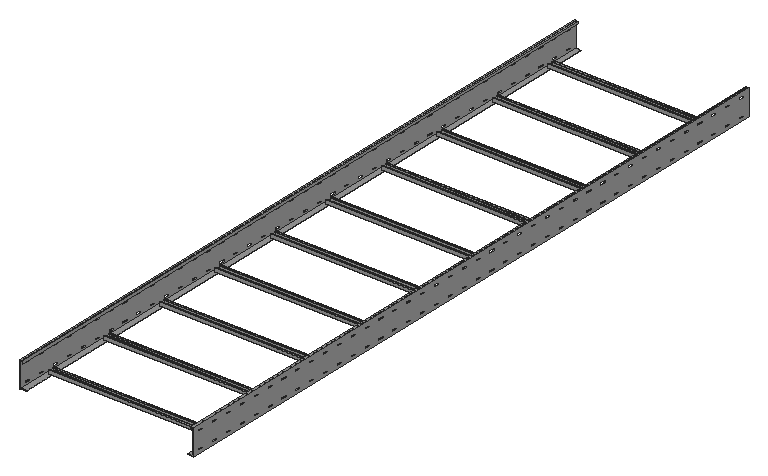
Revit family "Kabelleiter SLCS 1175 3 FTSO", category Generic Models, Revit 2017
Family settings
  Can host rebar = No
  Round Connector Dimension = Use Diameter
  Part Type = Normal
  Work Plane-Based = No
  Always vertical = Yes
  Cut with Voids When Loaded = No
  Shared = No
  Room Calculation Point = No
Parameters (values of type "SLCS 1175 3 FTSO")
  Width = 750 mm
  URL = "http://www.obo-bettermann.com"
  Material = Hot dip galvanised
  Manufacturer Art.No. = "7186410"
  Manufacturer = "OBO BETTERMANN"
  GTIN = "4012196696949"
  Cut's number 3 = 40
  Cut's number 2 = 10
  Cut's number = 2
  Article Type = "SLCS 1175 3 FTSO"
Reference planes
  plane 1 "Center (Front/Back)": y = 0
  plane 2: z = 0
  plane 3 "Center (Left/Right)": x = 0
  plane 4: x = 750
  plane 5: x = 750
  plane 6: y = 3000
  plane 7: y = 150.089
  plane 8: y = 135.089
  plane 9: y = 165.089
  plane 10: z = 17.089
  plane 11: z = 2.089
  plane 12: x = 15
  plane 13: x = 735
  plane 14: z = 1.986
  plane 15: y = 450.089
  plane 16: y = 435.089
  plane 17: y = 465.089
  plane 18: z = 17.089
  plane 19: z = 2.089
  plane 20: y = 750.089
  plane 21: y = 735.089
  plane 22: y = 765.089
  plane 23: z = 17.089
  plane 24: z = 2.089
  plane 25: y = 1050.089
  plane 26: y = 1035.089
  plane 27: y = 1065.089
  plane 28: z = 17.089
  plane 29: z = 2.089
  plane 30: y = 1350.089
  plane 31: y = 1335.089
  plane 32: y = 1365.089
  plane 33: z = 17.089
  plane 34: z = 2.089
  plane 35: y = 1650.089
  plane 36: y = 1635.089
  plane 37: y = 1665.089
  plane 38: z = 17.089
  plane 39: z = 2.089
  plane 40: y = 1950.089
  plane 41: y = 1935.089
  plane 42: y = 1965.089
  plane 43: z = 17.089
  plane 44: z = 2.089
  plane 45: y = 2250.089
  plane 46: y = 2235.089
  plane 47: y = 2265.089
  plane 48: z = 17.089
  plane 49: z = 2.089
  plane 50: y = 2550.089
  plane 51: y = 2535.089
  plane 52: y = 2565.089
  plane 53: z = 17.089
  plane 54: z = 2.089
  plane 55: y = 2850.089
  plane 56: y = 2835.089
  plane 57: y = 2865.089
  plane 58: z = 17.089
  plane 59: z = 2.089
  plane 60: y = 37.589
  plane 61: z = 13.986
  plane 62: y = 112.589
  plane 63: z = 13.986
  plane 64: y = 187.589
  plane 65: z = 13.986
  plane 66: y = 262.589
  plane 67: z = 13.986
  plane 68: y = 337.589
  plane 69: z = 13.986
  plane 70: y = 412.589
  plane 71: z = 13.986
  plane 72: y = 487.589
  plane 73: z = 13.986
  plane 74: y = 562.589
  plane 75: z = 13.986
  plane 76: y = 637.589
  plane 77: z = 13.986
  plane 78: y = 712.589
  plane 79: z = 13.986
  plane 80: y = 787.589
  plane 81: z = 13.986
  plane 82: y = 862.589
  plane 83: z = 13.986
  plane 84: y = 937.589
  plane 85: z = 13.986
  plane 86: y = 1012.589
  plane 87: z = 13.986
  plane 88: y = 1087.589
  plane 89: z = 13.986
  plane 90: y = 1162.589
  plane 91: z = 13.986
  plane 92: y = 1237.589
  plane 93: z = 13.986
  plane 94: y = 1312.589
  plane 95: z = 13.986
  plane 96: y = 1387.589
  plane 97: z = 13.986
  plane 98: y = 1462.589
  plane 99: z = 13.986
  plane 100: y = 1537.589
  plane 101: z = 13.986
  plane 102: y = 1612.589
  plane 103: z = 13.986
  plane 104: y = 1687.589
  plane 105: z = 13.986
  plane 106: y = 1762.589
  plane 107: z = 13.986
  plane 108: y = 1837.589
  plane 109: z = 13.986
  plane 110: y = 1912.589
  plane 111: z = 13.986
  plane 112: y = 1987.589
  plane 113: z = 13.986
  plane 114: y = 2062.589
  plane 115: z = 13.986
  plane 116: y = 2137.589
  plane 117: z = 13.986
  plane 118: y = 2212.589
  plane 119: z = 13.986
  plane 120: y = 2287.589
  plane 121: z = 13.986
  plane 122: y = 2362.589
  plane 123: z = 13.986
  plane 124: y = 2437.589
  plane 125: z = 13.986
  plane 126: y = 2512.589
  plane 127: z = 13.986
  plane 128: y = 2587.589
  plane 129: z = 13.986
  plane 130: y = 2662.589
  plane 131: z = 13.986
  plane 132: y = 2737.589
  plane 133: z = 13.986
  plane 134: y = 2812.589
  plane 135: z = 13.986
  plane 136: y = 2887.589
  plane 137: z = 13.986
  plane 138: y = 2962.589
  plane 139: z = 13.986
  plane 140: y = 37.589
  plane 141: z = 88.986
  plane 142: y = 112.589
  plane 143: z = 88.986
  plane 144: y = 187.589
  plane 145: z = 88.986
  plane 146: y = 262.589
  plane 147: z = 88.986
  plane 148: y = 337.589
  plane 149: z = 88.986
  plane 150: y = 412.589
  plane 151: z = 88.986
  plane 152: y = 487.589
  plane 153: z = 88.986
  plane 154: y = 562.589
  plane 155: z = 88.986
  plane 156: y = 637.589
  plane 157: z = 88.986
  plane 158: y = 712.589
  plane 159: z = 88.986
  plane 160: y = 787.589
  plane 161: z = 88.986
  plane 162: y = 862.589
  plane 163: z = 88.986
  plane 164: y = 937.589
  plane 165: z = 88.986
  plane 166: y = 1012.589
  plane 167: z = 88.986
  plane 168: y = 1087.589
  plane 169: z = 88.986
  plane 170: y = 1162.589
  plane 171: z = 88.986
  plane 172: y = 1237.589
  plane 173: z = 88.986
  plane 174: y = 1312.589
  plane 175: z = 88.986
  plane 176: y = 1387.589
  plane 177: z = 88.986
  plane 178: y = 1462.589
  plane 179: z = 88.986
  plane 180: y = 1537.589
  plane 181: z = 88.986
  plane 182: y = 1612.589
  plane 183: z = 88.986
  plane 184: y = 1687.589
  plane 185: z = 88.986
  plane 186: y = 1762.589
  plane 187: z = 88.986
  plane 188: y = 1837.589
  plane 189: z = 88.986
  plane 190: y = 1912.589
  plane 191: z = 88.986
  plane 192: y = 1987.589
  plane 193: z = 88.986
  plane 194: y = 2062.589
  plane 195: z = 88.986
  plane 196: y = 2137.589
  plane 197: z = 88.986
  plane 198: y = 2212.589
  plane 199: z = 88.986
  plane 200: y = 2287.589
  plane 201: z = 88.986
  plane 202: y = 2362.589
  plane 203: z = 88.986
  plane 204: y = 2437.589
  plane 205: z = 88.986
  plane 206: y = 2512.589
  plane 207: z = 88.986
  plane 208: y = 2587.589
  plane 209: z = 88.986
  plane 210: y = 2662.589
  plane 211: z = 88.986
  plane 212: y = 2737.589
  plane 213: z = 88.986
  plane 214: y = 2812.589
  plane 215: z = 88.986
  plane 216: y = 2887.589
  plane 217: z = 88.986
  plane 218: y = 2962.589
  plane 219: z = 88.986
  plane 220: z = 13.986
  plane 221: y = 37.589
  plane 222: z = 88.986
  plane 223: y = 37.589
  plane 224: z = 13.986
  plane 225: y = 112.589
  plane 226: z = 13.986
  plane 227: y = 187.589
  plane 228: z = 13.986
  plane 229: y = 262.589
  plane 230: z = 13.986
  plane 231: y = 337.589
  plane 232: z = 13.986
  plane 233: y = 412.589
  plane 234: z = 13.986
  plane 235: y = 487.589
  plane 236: z = 13.986
  plane 237: y = 562.589
  plane 238: z = 13.986
  plane 239: y = 637.589
  plane 240: z = 13.986
  plane 241: y = 712.589
  plane 242: z = 13.986
  plane 243: y = 787.589
  plane 244: z = 13.986
  plane 245: y = 862.589
  plane 246: z = 13.986
  plane 247: y = 937.589
  plane 248: z = 13.986
  plane 249: y = 1012.589
  plane 250: z = 13.986
  plane 251: y = 1087.589
  plane 252: z = 13.986
  plane 253: y = 1162.589
  plane 254: z = 13.986
  plane 255: y = 1237.589
  plane 256: z = 13.986
  plane 257: y = 1312.589
  plane 258: z = 13.986
  plane 259: y = 1387.589
  plane 260: z = 13.986
  plane 261: y = 1462.589
  plane 262: z = 13.986
  plane 263: y = 1537.589
  plane 264: z = 13.986
  plane 265: y = 1612.589
  plane 266: z = 13.986
  plane 267: y = 1687.589
  plane 268: z = 13.986
  plane 269: y = 1762.589
  plane 270: z = 13.986
  plane 271: y = 1837.589
  plane 272: z = 13.986
  plane 273: y = 1912.589
  plane 274: z = 13.986
  plane 275: y = 1987.589
  plane 276: z = 13.986
  plane 277: y = 2062.589
  plane 278: z = 13.986
  plane 279: y = 2137.589
  plane 280: z = 13.986
  plane 281: y = 2212.589
  plane 282: z = 13.986
  plane 283: y = 2287.589
  plane 284: z = 13.986
  plane 285: y = 2362.589
  plane 286: z = 13.986
  plane 287: y = 2437.589
  plane 288: z = 13.986
  plane 289: y = 2512.589
  plane 290: z = 13.986
  plane 291: y = 2587.589
  plane 292: z = 13.986
  plane 293: y = 2662.589
  plane 294: z = 13.986
  plane 295: y = 2737.589
  plane 296: z = 13.986
  plane 297: y = 2812.589
  plane 298: z = 13.986
  plane 299: y = 2887.589
  plane 300: z = 13.986
  plane 301: y = 2962.589
  plane 302: z = 88.986
  plane 303: y = 112.589
  plane 304: z = 88.986
  plane 305: y = 187.589
  plane 306: z = 88.986
  plane 307: y = 262.589
  plane 308: z = 88.986
  plane 309: y = 337.589
  plane 310: z = 88.986
  plane 311: y = 412.589
  plane 312: z = 88.986
  plane 313: y = 487.589
  plane 314: z = 88.986
  plane 315: y = 562.589
  plane 316: z = 88.986
  plane 317: y = 637.589
  plane 318: z = 88.986
  plane 319: y = 712.589
  plane 320: z = 88.986
  plane 321: y = 787.589
  plane 322: z = 88.986
  plane 323: y = 862.589
  plane 324: z = 88.986
  plane 325: y = 937.589
  plane 326: z = 88.986
  plane 327: y = 1012.589
  plane 328: z = 88.986
  plane 329: y = 1087.589
  plane 330: z = 88.986
  plane 331: y = 1162.589
  plane 332: z = 88.986
  plane 333: y = 1237.589
  plane 334: z = 88.986
  plane 335: y = 1312.589
  plane 336: z = 88.986
  plane 337: y = 1387.589
  plane 338: z = 88.986
  plane 339: y = 1462.589
  plane 340: z = 88.986
  plane 341: y = 1537.589
  plane 342: z = 88.986
  plane 343: y = 1612.589
  plane 344: z = 88.986
  plane 345: y = 1687.589
  plane 346: z = 88.986
  plane 347: y = 1762.589
  plane 348: z = 88.986
  plane 349: y = 1837.589
  plane 350: z = 88.986
  plane 351: y = 1912.589
  plane 352: z = 88.986
  plane 353: y = 1987.589
  plane 354: z = 88.986
  plane 355: y = 2062.589
  plane 356: z = 88.986
  plane 357: y = 2137.589
  plane 358: z = 88.986
  plane 359: y = 2212.589
  plane 360: z = 88.986
  plane 361: y = 2287.589
  plane 362: z = 88.986
  plane 363: y = 2362.589
  plane 364: z = 88.986
  plane 365: y = 2437.589
  plane 366: z = 88.986
  plane 367: y = 2512.589
  plane 368: z = 88.986
  plane 369: y = 2587.589
  plane 370: z = 88.986
  plane 371: y = 2662.589
  plane 372: z = 88.986
  plane 373: y = 2737.589
  plane 374: z = 88.986
  plane 375: y = 2812.589
  plane 376: z = 88.986
  plane 377: y = 2887.589
  plane 378: z = 88.986
  plane 379: y = 2962.589
Forms (mm)
  Extrusion 1, solid, material "Hot dip galvanised" <- "Material"
    sketch origin (0, 0, 0) x (1, 0, 0) y (0, 0, 1)
      loop
        line (0, -0.014) -> (27, -0.014) -> (27, 1.986) -> (2, 1.986) -> (2, 107.986) -> (10, 107.986) -> (10, 100.986) -> (12, 100.986) -> (12, 109.986) -> (0, 109.986) -> (0, -0.014)
      loop
        line (750, -0.014) -> (750, 109.978) -> (737.996, 109.978) -> (737.996, 100.938) -> (739.996, 100.938) -> (739.996, 107.978) -> (748, 107.978) -> (748, 1.986) -> (723, 1.986) -> (723, -0.014) -> (750, -0.014)
    from -0.089 to -3000
  Extrusion 2, solid, material "Hot dip galvanised" <- "Material"
    sketch origin (0, 0.089, -3.911) x (0, 1, 0) y (0, 0, 1)
      loop
        line (134.911, 5.897) -> (164.911, 5.897) -> (164.911, 20.897) -> (158.411, 20.897) -> (158.411, 18.897) -> (162.911, 18.897) -> (162.911, 7.897) -> (136.911, 7.897) -> (136.911, 18.897) -> (141.399, 18.897) -> (141.399, 20.897) -> (134.911, 20.897) -> (134.911, 5.897)
    from 15 to 735
  Extrusion 3, solid, material "Hot dip galvanised" <- "Material"
    sketch origin (0, 300.089, -3.911) x (0, 1, 0) y (0, 0, 1)
      loop
        line (134.911, 5.897) -> (164.911, 5.897) -> (164.911, 20.897) -> (158.411, 20.897) -> (158.411, 18.897) -> (162.911, 18.897) -> (162.911, 7.897) -> (136.911, 7.897) -> (136.911, 18.897) -> (141.399, 18.897) -> (141.399, 20.897) -> (134.911, 20.897) -> (134.911, 5.897)
    from 15 to 735
  Extrusion 4, solid, material "Hot dip galvanised" <- "Material"
    sketch origin (0, 600.089, -3.911) x (0, 1, 0) y (0, 0, 1)
      loop
        line (134.911, 5.897) -> (164.911, 5.897) -> (164.911, 20.897) -> (158.411, 20.897) -> (158.411, 18.897) -> (162.911, 18.897) -> (162.911, 7.897) -> (136.911, 7.897) -> (136.911, 18.897) -> (141.399, 18.897) -> (141.399, 20.897) -> (134.911, 20.897) -> (134.911, 5.897)
    from 15 to 735
  Extrusion 5, solid, material "Hot dip galvanised" <- "Material"
    sketch origin (0, 900.089, -3.911) x (0, 1, 0) y (0, 0, 1)
      loop
        line (134.911, 5.897) -> (164.911, 5.897) -> (164.911, 20.897) -> (158.411, 20.897) -> (158.411, 18.897) -> (162.911, 18.897) -> (162.911, 7.897) -> (136.911, 7.897) -> (136.911, 18.897) -> (141.399, 18.897) -> (141.399, 20.897) -> (134.911, 20.897) -> (134.911, 5.897)
    from 15 to 735
  Extrusion 6, solid, material "Hot dip galvanised" <- "Material"
    sketch origin (0, 1200.089, -3.911) x (0, 1, 0) y (0, 0, 1)
      loop
        line (134.911, 5.897) -> (164.911, 5.897) -> (164.911, 20.897) -> (158.411, 20.897) -> (158.411, 18.897) -> (162.911, 18.897) -> (162.911, 7.897) -> (136.911, 7.897) -> (136.911, 18.897) -> (141.399, 18.897) -> (141.399, 20.897) -> (134.911, 20.897) -> (134.911, 5.897)
    from 15 to 735
  Extrusion 7, solid, material "Hot dip galvanised" <- "Material"
    sketch origin (0, 1500.089, -3.911) x (0, 1, 0) y (0, 0, 1)
      loop
        line (134.911, 5.897) -> (164.911, 5.897) -> (164.911, 20.897) -> (158.411, 20.897) -> (158.411, 18.897) -> (162.911, 18.897) -> (162.911, 7.897) -> (136.911, 7.897) -> (136.911, 18.897) -> (141.399, 18.897) -> (141.399, 20.897) -> (134.911, 20.897) -> (134.911, 5.897)
    from 15 to 735
  Extrusion 8, solid, material "Hot dip galvanised" <- "Material"
    sketch origin (0, 1800.089, -3.911) x (0, 1, 0) y (0, 0, 1)
      loop
        line (134.911, 5.897) -> (164.911, 5.897) -> (164.911, 20.897) -> (158.411, 20.897) -> (158.411, 18.897) -> (162.911, 18.897) -> (162.911, 7.897) -> (136.911, 7.897) -> (136.911, 18.897) -> (141.399, 18.897) -> (141.399, 20.897) -> (134.911, 20.897) -> (134.911, 5.897)
    from 15 to 735
  Extrusion 9, solid, material "Hot dip galvanised" <- "Material"
    sketch origin (0, 2100.089, -3.911) x (0, 1, 0) y (0, 0, 1)
      loop
        line (134.911, 5.897) -> (164.911, 5.897) -> (164.911, 20.897) -> (158.411, 20.897) -> (158.411, 18.897) -> (162.911, 18.897) -> (162.911, 7.897) -> (136.911, 7.897) -> (136.911, 18.897) -> (141.399, 18.897) -> (141.399, 20.897) -> (134.911, 20.897) -> (134.911, 5.897)
    from 15 to 735
  Extrusion 10, solid, material "Hot dip galvanised" <- "Material"
    sketch origin (0, 2400.089, -3.911) x (0, 1, 0) y (0, 0, 1)
      loop
        line (134.911, 5.897) -> (164.911, 5.897) -> (164.911, 20.897) -> (158.411, 20.897) -> (158.411, 18.897) -> (162.911, 18.897) -> (162.911, 7.897) -> (136.911, 7.897) -> (136.911, 18.897) -> (141.399, 18.897) -> (141.399, 20.897) -> (134.911, 20.897) -> (134.911, 5.897)
    from 15 to 735
  Extrusion 11, solid, material "Hot dip galvanised" <- "Material"
    sketch origin (0, 2700.089, -3.911) x (0, 1, 0) y (0, 0, 1)
      loop
        line (134.911, 5.897) -> (164.911, 5.897) -> (164.911, 20.897) -> (158.411, 20.897) -> (158.411, 18.897) -> (162.911, 18.897) -> (162.911, 7.897) -> (136.911, 7.897) -> (136.911, 18.897) -> (141.399, 18.897) -> (141.399, 20.897) -> (134.911, 20.897) -> (134.911, 5.897)
    from 15 to 735
  Extrusion 12, void
    sketch origin (0, 0, 0) x (0, 1, 0) y (0, 0, 1)
      loop
        line (23.589, 18.486) -> (23.589, 9.486) -> (51.589, 9.486) -> (51.589, 18.486) -> (23.589, 18.486)
    from 0 to 2
  Extrusion 13, void
    sketch origin (0, 75, 0) x (0, 1, 0) y (0, 0, 1)
      loop
        line (23.589, 18.486) -> (23.589, 9.486) -> (51.589, 9.486) -> (51.589, 18.486) -> (23.589, 18.486)
    from 0 to 2
  Extrusion 14, void
    sketch origin (0, 150, 0) x (0, 1, 0) y (0, 0, 1)
      loop
        line (23.589, 18.486) -> (23.589, 9.486) -> (51.589, 9.486) -> (51.589, 18.486) -> (23.589, 18.486)
    from 0 to 2
  Extrusion 15, void
    sketch origin (0, 225, 0) x (0, 1, 0) y (0, 0, 1)
      loop
        line (23.589, 18.486) -> (23.589, 9.486) -> (51.589, 9.486) -> (51.589, 18.486) -> (23.589, 18.486)
    from 0 to 2
  Extrusion 16, void
    sketch origin (0, 300, 0) x (0, 1, 0) y (0, 0, 1)
      loop
        line (23.589, 18.486) -> (23.589, 9.486) -> (51.589, 9.486) -> (51.589, 18.486) -> (23.589, 18.486)
    from 0 to 2
  Extrusion 17, void
    sketch origin (0, 375, 0) x (0, 1, 0) y (0, 0, 1)
      loop
        line (23.589, 18.486) -> (23.589, 9.486) -> (51.589, 9.486) -> (51.589, 18.486) -> (23.589, 18.486)
    from 0 to 2
  Extrusion 18, void
    sketch origin (0, 450, 0) x (0, 1, 0) y (0, 0, 1)
      loop
        line (23.589, 18.486) -> (23.589, 9.486) -> (51.589, 9.486) -> (51.589, 18.486) -> (23.589, 18.486)
    from 0 to 2
  Extrusion 19, void
    sketch origin (0, 525, 0) x (0, 1, 0) y (0, 0, 1)
      loop
        line (23.589, 18.486) -> (23.589, 9.486) -> (51.589, 9.486) -> (51.589, 18.486) -> (23.589, 18.486)
    from 0 to 2
  Extrusion 20, void
    sketch origin (0, 600, 0) x (0, 1, 0) y (0, 0, 1)
      loop
        line (23.589, 18.486) -> (23.589, 9.486) -> (51.589, 9.486) -> (51.589, 18.486) -> (23.589, 18.486)
    from 0 to 2
  Extrusion 21, void
    sketch origin (0, 675, 0) x (0, 1, 0) y (0, 0, 1)
      loop
        line (23.589, 18.486) -> (23.589, 9.486) -> (51.589, 9.486) -> (51.589, 18.486) -> (23.589, 18.486)
    from 0 to 2
  Extrusion 22, void
    sketch origin (0, 750, 0) x (0, 1, 0) y (0, 0, 1)
      loop
        line (23.589, 18.486) -> (23.589, 9.486) -> (51.589, 9.486) -> (51.589, 18.486) -> (23.589, 18.486)
    from 0 to 2
  Extrusion 23, void
    sketch origin (0, 825, 0) x (0, 1, 0) y (0, 0, 1)
      loop
        line (23.589, 18.486) -> (23.589, 9.486) -> (51.589, 9.486) -> (51.589, 18.486) -> (23.589, 18.486)
    from 0 to 2
  Extrusion 24, void
    sketch origin (0, 900, 0) x (0, 1, 0) y (0, 0, 1)
      loop
        line (23.589, 18.486) -> (23.589, 9.486) -> (51.589, 9.486) -> (51.589, 18.486) -> (23.589, 18.486)
    from 0 to 2
  Extrusion 25, void
    sketch origin (0, 975, 0) x (0, 1, 0) y (0, 0, 1)
      loop
        line (23.589, 18.486) -> (23.589, 9.486) -> (51.589, 9.486) -> (51.589, 18.486) -> (23.589, 18.486)
    from 0 to 2
  Extrusion 26, void
    sketch origin (0, 1050, 0) x (0, 1, 0) y (0, 0, 1)
      loop
        line (23.589, 18.486) -> (23.589, 9.486) -> (51.589, 9.486) -> (51.589, 18.486) -> (23.589, 18.486)
    from 0 to 2
  Extrusion 27, void
    sketch origin (0, 1125, 0) x (0, 1, 0) y (0, 0, 1)
      loop
        line (23.589, 18.486) -> (23.589, 9.486) -> (51.589, 9.486) -> (51.589, 18.486) -> (23.589, 18.486)
    from 0 to 2
  Extrusion 28, void
    sketch origin (0, 1200, 0) x (0, 1, 0) y (0, 0, 1)
      loop
        line (23.589, 18.486) -> (23.589, 9.486) -> (51.589, 9.486) -> (51.589, 18.486) -> (23.589, 18.486)
    from 0 to 2
  Extrusion 29, void
    sketch origin (0, 1275, 0) x (0, 1, 0) y (0, 0, 1)
      loop
        line (23.589, 18.486) -> (23.589, 9.486) -> (51.589, 9.486) -> (51.589, 18.486) -> (23.589, 18.486)
    from 0 to 2
  Extrusion 30, void
    sketch origin (0, 1350, 0) x (0, 1, 0) y (0, 0, 1)
      loop
        line (23.589, 18.486) -> (23.589, 9.486) -> (51.589, 9.486) -> (51.589, 18.486) -> (23.589, 18.486)
    from 0 to 2
  Extrusion 31, void
    sketch origin (0, 1425, 0) x (0, 1, 0) y (0, 0, 1)
      loop
        line (23.589, 18.486) -> (23.589, 9.486) -> (51.589, 9.486) -> (51.589, 18.486) -> (23.589, 18.486)
    from 0 to 2
  Extrusion 32, void
    sketch origin (0, 1500, 0) x (0, 1, 0) y (0, 0, 1)
      loop
        line (23.589, 18.486) -> (23.589, 9.486) -> (51.589, 9.486) -> (51.589, 18.486) -> (23.589, 18.486)
    from 0 to 2
  Extrusion 33, void
    sketch origin (0, 1575, 0) x (0, 1, 0) y (0, 0, 1)
      loop
        line (23.589, 18.486) -> (23.589, 9.486) -> (51.589, 9.486) -> (51.589, 18.486) -> (23.589, 18.486)
    from 0 to 2
  Extrusion 34, void
    sketch origin (0, 1650, 0) x (0, 1, 0) y (0, 0, 1)
      loop
        line (23.589, 18.486) -> (23.589, 9.486) -> (51.589, 9.486) -> (51.589, 18.486) -> (23.589, 18.486)
    from 0 to 2
  Extrusion 35, void
    sketch origin (0, 1725, 0) x (0, 1, 0) y (0, 0, 1)
      loop
        line (23.589, 18.486) -> (23.589, 9.486) -> (51.589, 9.486) -> (51.589, 18.486) -> (23.589, 18.486)
    from 0 to 2
  Extrusion 36, void
    sketch origin (0, 1800, 0) x (0, 1, 0) y (0, 0, 1)
      loop
        line (23.589, 18.486) -> (23.589, 9.486) -> (51.589, 9.486) -> (51.589, 18.486) -> (23.589, 18.486)
    from 0 to 2
  Extrusion 37, void
    sketch origin (0, 1875, 0) x (0, 1, 0) y (0, 0, 1)
      loop
        line (23.589, 18.486) -> (23.589, 9.486) -> (51.589, 9.486) -> (51.589, 18.486) -> (23.589, 18.486)
    from 0 to 2
  Extrusion 38, void
    sketch origin (0, 1950, 0) x (0, 1, 0) y (0, 0, 1)
      loop
        line (23.589, 18.486) -> (23.589, 9.486) -> (51.589, 9.486) -> (51.589, 18.486) -> (23.589, 18.486)
    from 0 to 2
  Extrusion 39, void
    sketch origin (0, 2025, 0) x (0, 1, 0) y (0, 0, 1)
      loop
        line (23.589, 18.486) -> (23.589, 9.486) -> (51.589, 9.486) -> (51.589, 18.486) -> (23.589, 18.486)
    from 0 to 2
  Extrusion 40, void
    sketch origin (0, 2100, 0) x (0, 1, 0) y (0, 0, 1)
      loop
        line (23.589, 18.486) -> (23.589, 9.486) -> (51.589, 9.486) -> (51.589, 18.486) -> (23.589, 18.486)
    from 0 to 2
  Extrusion 41, void
    sketch origin (0, 2175, 0) x (0, 1, 0) y (0, 0, 1)
      loop
        line (23.589, 18.486) -> (23.589, 9.486) -> (51.589, 9.486) -> (51.589, 18.486) -> (23.589, 18.486)
    from 0 to 2
  Extrusion 42, void
    sketch origin (0, 2250, 0) x (0, 1, 0) y (0, 0, 1)
      loop
        line (23.589, 18.486) -> (23.589, 9.486) -> (51.589, 9.486) -> (51.589, 18.486) -> (23.589, 18.486)
    from 0 to 2
  Extrusion 43, void
    sketch origin (0, 2325, 0) x (0, 1, 0) y (0, 0, 1)
      loop
        line (23.589, 18.486) -> (23.589, 9.486) -> (51.589, 9.486) -> (51.589, 18.486) -> (23.589, 18.486)
    from 0 to 2
  Extrusion 44, void
    sketch origin (0, 2400, 0) x (0, 1, 0) y (0, 0, 1)
      loop
        line (23.589, 18.486) -> (23.589, 9.486) -> (51.589, 9.486) -> (51.589, 18.486) -> (23.589, 18.486)
    from 0 to 2
  Extrusion 45, void
    sketch origin (0, 2475, 0) x (0, 1, 0) y (0, 0, 1)
      loop
        line (23.589, 18.486) -> (23.589, 9.486) -> (51.589, 9.486) -> (51.589, 18.486) -> (23.589, 18.486)
    from 0 to 2
  Extrusion 46, void
    sketch origin (0, 2550, 0) x (0, 1, 0) y (0, 0, 1)
      loop
        line (23.589, 18.486) -> (23.589, 9.486) -> (51.589, 9.486) -> (51.589, 18.486) -> (23.589, 18.486)
    from 0 to 2
  Extrusion 47, void
    sketch origin (0, 2625, 0) x (0, 1, 0) y (0, 0, 1)
      loop
        line (23.589, 18.486) -> (23.589, 9.486) -> (51.589, 9.486) -> (51.589, 18.486) -> (23.589, 18.486)
    from 0 to 2
  Extrusion 48, void
    sketch origin (0, 2700, 0) x (0, 1, 0) y (0, 0, 1)
      loop
        line (23.589, 18.486) -> (23.589, 9.486) -> (51.589, 9.486) -> (51.589, 18.486) -> (23.589, 18.486)
    from 0 to 2
  Extrusion 49, void
    sketch origin (0, 2775, 0) x (0, 1, 0) y (0, 0, 1)
      loop
        line (23.589, 18.486) -> (23.589, 9.486) -> (51.589, 9.486) -> (51.589, 18.486) -> (23.589, 18.486)
    from 0 to 2
  Extrusion 50, void
    sketch origin (0, 2850, 0) x (0, 1, 0) y (0, 0, 1)
      loop
        line (23.589, 18.486) -> (23.589, 9.486) -> (51.589, 9.486) -> (51.589, 18.486) -> (23.589, 18.486)
    from 0 to 2
  Extrusion 51, void
    sketch origin (0, 2925, 0) x (0, 1, 0) y (0, 0, 1)
      loop
        line (23.589, 18.486) -> (23.589, 9.486) -> (51.589, 9.486) -> (51.589, 18.486) -> (23.589, 18.486)
    from 0 to 2
  Extrusion 52, void
    sketch origin (0, 0, 75) x (0, 1, 0) y (0, 0, 1)
      loop
        line (23.589, 18.486) -> (23.589, 9.486) -> (51.589, 9.486) -> (51.589, 18.486) -> (23.589, 18.486)
    from 0 to 2
  Extrusion 53, void
    sketch origin (0, 75, 75) x (0, 1, 0) y (0, 0, 1)
      loop
        line (23.589, 18.486) -> (23.589, 9.486) -> (51.589, 9.486) -> (51.589, 18.486) -> (23.589, 18.486)
    from 0 to 2
  Extrusion 54, void
    sketch origin (0, 150, 75) x (0, 1, 0) y (0, 0, 1)
      loop
        line (23.589, 18.486) -> (23.589, 9.486) -> (51.589, 9.486) -> (51.589, 18.486) -> (23.589, 18.486)
    from 0 to 2
  Extrusion 55, void
    sketch origin (0, 225, 75) x (0, 1, 0) y (0, 0, 1)
      loop
        line (23.589, 18.486) -> (23.589, 9.486) -> (51.589, 9.486) -> (51.589, 18.486) -> (23.589, 18.486)
    from 0 to 2
  Extrusion 56, void
    sketch origin (0, 300, 75) x (0, 1, 0) y (0, 0, 1)
      loop
        line (23.589, 18.486) -> (23.589, 9.486) -> (51.589, 9.486) -> (51.589, 18.486) -> (23.589, 18.486)
    from 0 to 2
  Extrusion 57, void
    sketch origin (0, 375, 75) x (0, 1, 0) y (0, 0, 1)
      loop
        line (23.589, 18.486) -> (23.589, 9.486) -> (51.589, 9.486) -> (51.589, 18.486) -> (23.589, 18.486)
    from 0 to 2
  Extrusion 58, void
    sketch origin (0, 450, 75) x (0, 1, 0) y (0, 0, 1)
      loop
        line (23.589, 18.486) -> (23.589, 9.486) -> (51.589, 9.486) -> (51.589, 18.486) -> (23.589, 18.486)
    from 0 to 2
  Extrusion 59, void
    sketch origin (0, 525, 75) x (0, 1, 0) y (0, 0, 1)
      loop
        line (23.589, 18.486) -> (23.589, 9.486) -> (51.589, 9.486) -> (51.589, 18.486) -> (23.589, 18.486)
    from 0 to 2
  Extrusion 60, void
    sketch origin (0, 600, 75) x (0, 1, 0) y (0, 0, 1)
      loop
        line (23.589, 18.486) -> (23.589, 9.486) -> (51.589, 9.486) -> (51.589, 18.486) -> (23.589, 18.486)
    from 0 to 2
  Extrusion 61, void
    sketch origin (0, 675, 75) x (0, 1, 0) y (0, 0, 1)
      loop
        line (23.589, 18.486) -> (23.589, 9.486) -> (51.589, 9.486) -> (51.589, 18.486) -> (23.589, 18.486)
    from 0 to 2
  Extrusion 62, void
    sketch origin (0, 750, 75) x (0, 1, 0) y (0, 0, 1)
      loop
        line (23.589, 18.486) -> (23.589, 9.486) -> (51.589, 9.486) -> (51.589, 18.486) -> (23.589, 18.486)
    from 0 to 2
  Extrusion 63, void
    sketch origin (0, 825, 75) x (0, 1, 0) y (0, 0, 1)
      loop
        line (23.589, 18.486) -> (23.589, 9.486) -> (51.589, 9.486) -> (51.589, 18.486) -> (23.589, 18.486)
    from 0 to 2
  Extrusion 64, void
    sketch origin (0, 900, 75) x (0, 1, 0) y (0, 0, 1)
      loop
        line (23.589, 18.486) -> (23.589, 9.486) -> (51.589, 9.486) -> (51.589, 18.486) -> (23.589, 18.486)
    from 0 to 2
  Extrusion 65, void
    sketch origin (0, 975, 75) x (0, 1, 0) y (0, 0, 1)
      loop
        line (23.589, 18.486) -> (23.589, 9.486) -> (51.589, 9.486) -> (51.589, 18.486) -> (23.589, 18.486)
    from 0 to 2
  Extrusion 66, void
    sketch origin (0, 1050, 75) x (0, 1, 0) y (0, 0, 1)
      loop
        line (23.589, 18.486) -> (23.589, 9.486) -> (51.589, 9.486) -> (51.589, 18.486) -> (23.589, 18.486)
    from 0 to 2
  Extrusion 67, void
    sketch origin (0, 1125, 75) x (0, 1, 0) y (0, 0, 1)
      loop
        line (23.589, 18.486) -> (23.589, 9.486) -> (51.589, 9.486) -> (51.589, 18.486) -> (23.589, 18.486)
    from 0 to 2
  Extrusion 68, void
    sketch origin (0, 1200, 75) x (0, 1, 0) y (0, 0, 1)
      loop
        line (23.589, 18.486) -> (23.589, 9.486) -> (51.589, 9.486) -> (51.589, 18.486) -> (23.589, 18.486)
    from 0 to 2
  Extrusion 69, void
    sketch origin (0, 1275, 75) x (0, 1, 0) y (0, 0, 1)
      loop
        line (23.589, 18.486) -> (23.589, 9.486) -> (51.589, 9.486) -> (51.589, 18.486) -> (23.589, 18.486)
    from 0 to 2
  Extrusion 70, void
    sketch origin (0, 1350, 75) x (0, 1, 0) y (0, 0, 1)
      loop
        line (23.589, 18.486) -> (23.589, 9.486) -> (51.589, 9.486) -> (51.589, 18.486) -> (23.589, 18.486)
    from 0 to 2
  Extrusion 71, void
    sketch origin (0, 1425, 75) x (0, 1, 0) y (0, 0, 1)
      loop
        line (23.589, 18.486) -> (23.589, 9.486) -> (51.589, 9.486) -> (51.589, 18.486) -> (23.589, 18.486)
    from 0 to 2
  Extrusion 72, void
    sketch origin (0, 1500, 75) x (0, 1, 0) y (0, 0, 1)
      loop
        line (23.589, 18.486) -> (23.589, 9.486) -> (51.589, 9.486) -> (51.589, 18.486) -> (23.589, 18.486)
    from 0 to 2
  Extrusion 73, void
    sketch origin (0, 1575, 75) x (0, 1, 0) y (0, 0, 1)
      loop
        line (23.589, 18.486) -> (23.589, 9.486) -> (51.589, 9.486) -> (51.589, 18.486) -> (23.589, 18.486)
    from 0 to 2
  Extrusion 74, void
    sketch origin (0, 1650, 75) x (0, 1, 0) y (0, 0, 1)
      loop
        line (23.589, 18.486) -> (23.589, 9.486) -> (51.589, 9.486) -> (51.589, 18.486) -> (23.589, 18.486)
    from 0 to 2
  Extrusion 75, void
    sketch origin (0, 1725, 75) x (0, 1, 0) y (0, 0, 1)
      loop
        line (23.589, 18.486) -> (23.589, 9.486) -> (51.589, 9.486) -> (51.589, 18.486) -> (23.589, 18.486)
    from 0 to 2
  Extrusion 76, void
    sketch origin (0, 1800, 75) x (0, 1, 0) y (0, 0, 1)
      loop
        line (23.589, 18.486) -> (23.589, 9.486) -> (51.589, 9.486) -> (51.589, 18.486) -> (23.589, 18.486)
    from 0 to 2
  Extrusion 77, void
    sketch origin (0, 1875, 75) x (0, 1, 0) y (0, 0, 1)
      loop
        line (23.589, 18.486) -> (23.589, 9.486) -> (51.589, 9.486) -> (51.589, 18.486) -> (23.589, 18.486)
    from 0 to 2
  Extrusion 78, void
    sketch origin (0, 1950, 75) x (0, 1, 0) y (0, 0, 1)
      loop
        line (23.589, 18.486) -> (23.589, 9.486) -> (51.589, 9.486) -> (51.589, 18.486) -> (23.589, 18.486)
    from 0 to 2
  Extrusion 79, void
    sketch origin (0, 2025, 75) x (0, 1, 0) y (0, 0, 1)
      loop
        line (23.589, 18.486) -> (23.589, 9.486) -> (51.589, 9.486) -> (51.589, 18.486) -> (23.589, 18.486)
    from 0 to 2
  Extrusion 80, void
    sketch origin (0, 2100, 75) x (0, 1, 0) y (0, 0, 1)
      loop
        line (23.589, 18.486) -> (23.589, 9.486) -> (51.589, 9.486) -> (51.589, 18.486) -> (23.589, 18.486)
    from 0 to 2
  Extrusion 81, void
    sketch origin (0, 2175, 75) x (0, 1, 0) y (0, 0, 1)
      loop
        line (23.589, 18.486) -> (23.589, 9.486) -> (51.589, 9.486) -> (51.589, 18.486) -> (23.589, 18.486)
    from 0 to 2
  Extrusion 82, void
    sketch origin (0, 2250, 75) x (0, 1, 0) y (0, 0, 1)
      loop
        line (23.589, 18.486) -> (23.589, 9.486) -> (51.589, 9.486) -> (51.589, 18.486) -> (23.589, 18.486)
    from 0 to 2
  Extrusion 83, void
    sketch origin (0, 2325, 75) x (0, 1, 0) y (0, 0, 1)
      loop
        line (23.589, 18.486) -> (23.589, 9.486) -> (51.589, 9.486) -> (51.589, 18.486) -> (23.589, 18.486)
    from 0 to 2
  Extrusion 84, void
    sketch origin (0, 2400, 75) x (0, 1, 0) y (0, 0, 1)
      loop
        line (23.589, 18.486) -> (23.589, 9.486) -> (51.589, 9.486) -> (51.589, 18.486) -> (23.589, 18.486)
    from 0 to 2
  Extrusion 85, void
    sketch origin (0, 2475, 75) x (0, 1, 0) y (0, 0, 1)
      loop
        line (23.589, 18.486) -> (23.589, 9.486) -> (51.589, 9.486) -> (51.589, 18.486) -> (23.589, 18.486)
    from 0 to 2
  Extrusion 86, void
    sketch origin (0, 2550, 75) x (0, 1, 0) y (0, 0, 1)
      loop
        line (23.589, 18.486) -> (23.589, 9.486) -> (51.589, 9.486) -> (51.589, 18.486) -> (23.589, 18.486)
    from 0 to 2
  Extrusion 87, void
    sketch origin (0, 2625, 75) x (0, 1, 0) y (0, 0, 1)
      loop
        line (23.589, 18.486) -> (23.589, 9.486) -> (51.589, 9.486) -> (51.589, 18.486) -> (23.589, 18.486)
    from 0 to 2
  Extrusion 88, void
    sketch origin (0, 2700, 75) x (0, 1, 0) y (0, 0, 1)
      loop
        line (23.589, 18.486) -> (23.589, 9.486) -> (51.589, 9.486) -> (51.589, 18.486) -> (23.589, 18.486)
    from 0 to 2
  Extrusion 89, void
    sketch origin (0, 2775, 75) x (0, 1, 0) y (0, 0, 1)
      loop
        line (23.589, 18.486) -> (23.589, 9.486) -> (51.589, 9.486) -> (51.589, 18.486) -> (23.589, 18.486)
    from 0 to 2
  Extrusion 90, void
    sketch origin (0, 2850, 75) x (0, 1, 0) y (0, 0, 1)
      loop
        line (23.589, 18.486) -> (23.589, 9.486) -> (51.589, 9.486) -> (51.589, 18.486) -> (23.589, 18.486)
    from 0 to 2
  Extrusion 91, void
    sketch origin (0, 2925, 75) x (0, 1, 0) y (0, 0, 1)
      loop
        line (23.589, 18.486) -> (23.589, 9.486) -> (51.589, 9.486) -> (51.589, 18.486) -> (23.589, 18.486)
    from 0 to 2
  Extrusion 92, void
    sketch origin (0, 0, 0) x (0, 1, 0) y (0, 0, 1)
      loop
        line (23.589, 18.486) -> (23.589, 9.486) -> (51.589, 9.486) -> (51.589, 18.486) -> (23.589, 18.486)
    from 748 to 750
  Extrusion 93, void
    sketch origin (0, 0, 75) x (0, 1, 0) y (0, 0, 1)
      loop
        line (23.589, 18.486) -> (23.589, 9.486) -> (51.589, 9.486) -> (51.589, 18.486) -> (23.589, 18.486)
    from 748 to 750
  Extrusion 94, void
    sketch origin (0, 75, 0) x (0, 1, 0) y (0, 0, 1)
      loop
        line (23.589, 18.486) -> (23.589, 9.486) -> (51.589, 9.486) -> (51.589, 18.486) -> (23.589, 18.486)
    from 748 to 750
  Extrusion 95, void
    sketch origin (0, 150, 0) x (0, 1, 0) y (0, 0, 1)
      loop
        line (23.589, 18.486) -> (23.589, 9.486) -> (51.589, 9.486) -> (51.589, 18.486) -> (23.589, 18.486)
    from 748 to 750
  Extrusion 96, void
    sketch origin (0, 225, 0) x (0, 1, 0) y (0, 0, 1)
      loop
        line (23.589, 18.486) -> (23.589, 9.486) -> (51.589, 9.486) -> (51.589, 18.486) -> (23.589, 18.486)
    from 748 to 750
  Extrusion 97, void
    sketch origin (0, 300, 0) x (0, 1, 0) y (0, 0, 1)
      loop
        line (23.589, 18.486) -> (23.589, 9.486) -> (51.589, 9.486) -> (51.589, 18.486) -> (23.589, 18.486)
    from 748 to 750
  Extrusion 98, void
    sketch origin (0, 375, 0) x (0, 1, 0) y (0, 0, 1)
      loop
        line (23.589, 18.486) -> (23.589, 9.486) -> (51.589, 9.486) -> (51.589, 18.486) -> (23.589, 18.486)
    from 748 to 750
  Extrusion 99, void
    sketch origin (0, 450, 0) x (0, 1, 0) y (0, 0, 1)
      loop
        line (23.589, 18.486) -> (23.589, 9.486) -> (51.589, 9.486) -> (51.589, 18.486) -> (23.589, 18.486)
    from 748 to 750
  Extrusion 100, void
    sketch origin (0, 525, 0) x (0, 1, 0) y (0, 0, 1)
      loop
        line (23.589, 18.486) -> (23.589, 9.486) -> (51.589, 9.486) -> (51.589, 18.486) -> (23.589, 18.486)
    from 748 to 750
  Extrusion 101, void
    sketch origin (0, 600, 0) x (0, 1, 0) y (0, 0, 1)
      loop
        line (23.589, 18.486) -> (23.589, 9.486) -> (51.589, 9.486) -> (51.589, 18.486) -> (23.589, 18.486)
    from 748 to 750
  Extrusion 102, void
    sketch origin (0, 675, 0) x (0, 1, 0) y (0, 0, 1)
      loop
        line (23.589, 18.486) -> (23.589, 9.486) -> (51.589, 9.486) -> (51.589, 18.486) -> (23.589, 18.486)
    from 748 to 750
  Extrusion 103, void
    sketch origin (0, 750, 0) x (0, 1, 0) y (0, 0, 1)
      loop
        line (23.589, 18.486) -> (23.589, 9.486) -> (51.589, 9.486) -> (51.589, 18.486) -> (23.589, 18.486)
    from 748 to 750
  Extrusion 104, void
    sketch origin (0, 825, 0) x (0, 1, 0) y (0, 0, 1)
      loop
        line (23.589, 18.486) -> (23.589, 9.486) -> (51.589, 9.486) -> (51.589, 18.486) -> (23.589, 18.486)
    from 748 to 750
  Extrusion 105, void
    sketch origin (0, 900, 0) x (0, 1, 0) y (0, 0, 1)
      loop
        line (23.589, 18.486) -> (23.589, 9.486) -> (51.589, 9.486) -> (51.589, 18.486) -> (23.589, 18.486)
    from 748 to 750
  Extrusion 106, void
    sketch origin (0, 975, 0) x (0, 1, 0) y (0, 0, 1)
      loop
        line (23.589, 18.486) -> (23.589, 9.486) -> (51.589, 9.486) -> (51.589, 18.486) -> (23.589, 18.486)
    from 748 to 750
  Extrusion 107, void
    sketch origin (0, 1050, 0) x (0, 1, 0) y (0, 0, 1)
      loop
        line (23.589, 18.486) -> (23.589, 9.486) -> (51.589, 9.486) -> (51.589, 18.486) -> (23.589, 18.486)
    from 748 to 750
  Extrusion 108, void
    sketch origin (0, 1125, 0) x (0, 1, 0) y (0, 0, 1)
      loop
        line (23.589, 18.486) -> (23.589, 9.486) -> (51.589, 9.486) -> (51.589, 18.486) -> (23.589, 18.486)
    from 748 to 750
  Extrusion 109, void
    sketch origin (0, 1200, 0) x (0, 1, 0) y (0, 0, 1)
      loop
        line (23.589, 18.486) -> (23.589, 9.486) -> (51.589, 9.486) -> (51.589, 18.486) -> (23.589, 18.486)
    from 748 to 750
  Extrusion 110, void
    sketch origin (0, 1275, 0) x (0, 1, 0) y (0, 0, 1)
      loop
        line (23.589, 18.486) -> (23.589, 9.486) -> (51.589, 9.486) -> (51.589, 18.486) -> (23.589, 18.486)
    from 748 to 750
  Extrusion 111, void
    sketch origin (0, 1350, 0) x (0, 1, 0) y (0, 0, 1)
      loop
        line (23.589, 18.486) -> (23.589, 9.486) -> (51.589, 9.486) -> (51.589, 18.486) -> (23.589, 18.486)
    from 748 to 750
  Extrusion 112, void
    sketch origin (0, 1425, 0) x (0, 1, 0) y (0, 0, 1)
      loop
        line (23.589, 18.486) -> (23.589, 9.486) -> (51.589, 9.486) -> (51.589, 18.486) -> (23.589, 18.486)
    from 748 to 750
  Extrusion 113, void
    sketch origin (0, 1500, 0) x (0, 1, 0) y (0, 0, 1)
      loop
        line (23.589, 18.486) -> (23.589, 9.486) -> (51.589, 9.486) -> (51.589, 18.486) -> (23.589, 18.486)
    from 748 to 750
  Extrusion 114, void
    sketch origin (0, 1575, 0) x (0, 1, 0) y (0, 0, 1)
      loop
        line (23.589, 18.486) -> (23.589, 9.486) -> (51.589, 9.486) -> (51.589, 18.486) -> (23.589, 18.486)
    from 748 to 750
  Extrusion 115, void
    sketch origin (0, 1650, 0) x (0, 1, 0) y (0, 0, 1)
      loop
        line (23.589, 18.486) -> (23.589, 9.486) -> (51.589, 9.486) -> (51.589, 18.486) -> (23.589, 18.486)
    from 748 to 750
  Extrusion 116, void
    sketch origin (0, 1725, 0) x (0, 1, 0) y (0, 0, 1)
      loop
        line (23.589, 18.486) -> (23.589, 9.486) -> (51.589, 9.486) -> (51.589, 18.486) -> (23.589, 18.486)
    from 748 to 750
  Extrusion 117, void
    sketch origin (0, 1800, 0) x (0, 1, 0) y (0, 0, 1)
      loop
        line (23.589, 18.486) -> (23.589, 9.486) -> (51.589, 9.486) -> (51.589, 18.486) -> (23.589, 18.486)
    from 748 to 750
  Extrusion 118, void
    sketch origin (0, 1875, 0) x (0, 1, 0) y (0, 0, 1)
      loop
        line (23.589, 18.486) -> (23.589, 9.486) -> (51.589, 9.486) -> (51.589, 18.486) -> (23.589, 18.486)
    from 748 to 750
  Extrusion 119, void
    sketch origin (0, 1950, 0) x (0, 1, 0) y (0, 0, 1)
      loop
        line (23.589, 18.486) -> (23.589, 9.486) -> (51.589, 9.486) -> (51.589, 18.486) -> (23.589, 18.486)
    from 748 to 750
  Extrusion 120, void
    sketch origin (0, 2025, 0) x (0, 1, 0) y (0, 0, 1)
      loop
        line (23.589, 18.486) -> (23.589, 9.486) -> (51.589, 9.486) -> (51.589, 18.486) -> (23.589, 18.486)
    from 748 to 750
  Extrusion 121, void
    sketch origin (0, 2100, 0) x (0, 1, 0) y (0, 0, 1)
      loop
        line (23.589, 18.486) -> (23.589, 9.486) -> (51.589, 9.486) -> (51.589, 18.486) -> (23.589, 18.486)
    from 748 to 750
  Extrusion 122, void
    sketch origin (0, 2175, 0) x (0, 1, 0) y (0, 0, 1)
      loop
        line (23.589, 18.486) -> (23.589, 9.486) -> (51.589, 9.486) -> (51.589, 18.486) -> (23.589, 18.486)
    from 748 to 750
  Extrusion 123, void
    sketch origin (0, 2250, 0) x (0, 1, 0) y (0, 0, 1)
      loop
        line (23.589, 18.486) -> (23.589, 9.486) -> (51.589, 9.486) -> (51.589, 18.486) -> (23.589, 18.486)
    from 748 to 750
  Extrusion 124, void
    sketch origin (0, 2325, 0) x (0, 1, 0) y (0, 0, 1)
      loop
        line (23.589, 18.486) -> (23.589, 9.486) -> (51.589, 9.486) -> (51.589, 18.486) -> (23.589, 18.486)
    from 748 to 750
  Extrusion 125, void
    sketch origin (0, 2400, 0) x (0, 1, 0) y (0, 0, 1)
      loop
        line (23.589, 18.486) -> (23.589, 9.486) -> (51.589, 9.486) -> (51.589, 18.486) -> (23.589, 18.486)
    from 748 to 750
  Extrusion 126, void
    sketch origin (0, 2475, 0) x (0, 1, 0) y (0, 0, 1)
      loop
        line (23.589, 18.486) -> (23.589, 9.486) -> (51.589, 9.486) -> (51.589, 18.486) -> (23.589, 18.486)
    from 748 to 750
  Extrusion 127, void
    sketch origin (0, 2550, 0) x (0, 1, 0) y (0, 0, 1)
      loop
        line (23.589, 18.486) -> (23.589, 9.486) -> (51.589, 9.486) -> (51.589, 18.486) -> (23.589, 18.486)
    from 748 to 750
  Extrusion 128, void
    sketch origin (0, 2625, 0) x (0, 1, 0) y (0, 0, 1)
      loop
        line (23.589, 18.486) -> (23.589, 9.486) -> (51.589, 9.486) -> (51.589, 18.486) -> (23.589, 18.486)
    from 748 to 750
  Extrusion 129, void
    sketch origin (0, 2700, 0) x (0, 1, 0) y (0, 0, 1)
      loop
        line (23.589, 18.486) -> (23.589, 9.486) -> (51.589, 9.486) -> (51.589, 18.486) -> (23.589, 18.486)
    from 748 to 750
  Extrusion 130, void
    sketch origin (0, 2775, 0) x (0, 1, 0) y (0, 0, 1)
      loop
        line (23.589, 18.486) -> (23.589, 9.486) -> (51.589, 9.486) -> (51.589, 18.486) -> (23.589, 18.486)
    from 748 to 750
  Extrusion 131, void
    sketch origin (0, 2850, 0) x (0, 1, 0) y (0, 0, 1)
      loop
        line (23.589, 18.486) -> (23.589, 9.486) -> (51.589, 9.486) -> (51.589, 18.486) -> (23.589, 18.486)
    from 748 to 750
  Extrusion 132, void
    sketch origin (0, 2925, 0) x (0, 1, 0) y (0, 0, 1)
      loop
        line (23.589, 18.486) -> (23.589, 9.486) -> (51.589, 9.486) -> (51.589, 18.486) -> (23.589, 18.486)
    from 748 to 750
  Extrusion 133, void
    sketch origin (0, 75, 75) x (0, 1, 0) y (0, 0, 1)
      loop
        line (23.589, 18.486) -> (23.589, 9.486) -> (51.589, 9.486) -> (51.589, 18.486) -> (23.589, 18.486)
    from 748 to 750
  Extrusion 134, void
    sketch origin (0, 150, 75) x (0, 1, 0) y (0, 0, 1)
      loop
        line (23.589, 18.486) -> (23.589, 9.486) -> (51.589, 9.486) -> (51.589, 18.486) -> (23.589, 18.486)
    from 748 to 750
  Extrusion 135, void
    sketch origin (0, 225, 75) x (0, 1, 0) y (0, 0, 1)
      loop
        line (23.589, 18.486) -> (23.589, 9.486) -> (51.589, 9.486) -> (51.589, 18.486) -> (23.589, 18.486)
    from 748 to 750
  Extrusion 136, void
    sketch origin (0, 300, 75) x (0, 1, 0) y (0, 0, 1)
      loop
        line (23.589, 18.486) -> (23.589, 9.486) -> (51.589, 9.486) -> (51.589, 18.486) -> (23.589, 18.486)
    from 748 to 750
  Extrusion 137, void
    sketch origin (0, 375, 75) x (0, 1, 0) y (0, 0, 1)
      loop
        line (23.589, 18.486) -> (23.589, 9.486) -> (51.589, 9.486) -> (51.589, 18.486) -> (23.589, 18.486)
    from 748 to 750
  Extrusion 138, void
    sketch origin (0, 450, 75) x (0, 1, 0) y (0, 0, 1)
      loop
        line (23.589, 18.486) -> (23.589, 9.486) -> (51.589, 9.486) -> (51.589, 18.486) -> (23.589, 18.486)
    from 748 to 750
  Extrusion 139, void
    sketch origin (0, 525, 75) x (0, 1, 0) y (0, 0, 1)
      loop
        line (23.589, 18.486) -> (23.589, 9.486) -> (51.589, 9.486) -> (51.589, 18.486) -> (23.589, 18.486)
    from 748 to 750
  Extrusion 140, void
    sketch origin (0, 600, 75) x (0, 1, 0) y (0, 0, 1)
      loop
        line (23.589, 18.486) -> (23.589, 9.486) -> (51.589, 9.486) -> (51.589, 18.486) -> (23.589, 18.486)
    from 748 to 750
  Extrusion 141, void
    sketch origin (0, 675, 75) x (0, 1, 0) y (0, 0, 1)
      loop
        line (23.589, 18.486) -> (23.589, 9.486) -> (51.589, 9.486) -> (51.589, 18.486) -> (23.589, 18.486)
    from 748 to 750
  Extrusion 142, void
    sketch origin (0, 750, 75) x (0, 1, 0) y (0, 0, 1)
      loop
        line (23.589, 18.486) -> (23.589, 9.486) -> (51.589, 9.486) -> (51.589, 18.486) -> (23.589, 18.486)
    from 748 to 750
  Extrusion 143, void
    sketch origin (0, 825, 75) x (0, 1, 0) y (0, 0, 1)
      loop
        line (23.589, 18.486) -> (23.589, 9.486) -> (51.589, 9.486) -> (51.589, 18.486) -> (23.589, 18.486)
    from 748 to 750
  Extrusion 144, void
    sketch origin (0, 900, 75) x (0, 1, 0) y (0, 0, 1)
      loop
        line (23.589, 18.486) -> (23.589, 9.486) -> (51.589, 9.486) -> (51.589, 18.486) -> (23.589, 18.486)
    from 748 to 750
  Extrusion 145, void
    sketch origin (0, 975, 75) x (0, 1, 0) y (0, 0, 1)
      loop
        line (23.589, 18.486) -> (23.589, 9.486) -> (51.589, 9.486) -> (51.589, 18.486) -> (23.589, 18.486)
    from 748 to 750
  Extrusion 146, void
    sketch origin (0, 1050, 75) x (0, 1, 0) y (0, 0, 1)
      loop
        line (23.589, 18.486) -> (23.589, 9.486) -> (51.589, 9.486) -> (51.589, 18.486) -> (23.589, 18.486)
    from 748 to 750
  Extrusion 147, void
    sketch origin (0, 1125, 75) x (0, 1, 0) y (0, 0, 1)
      loop
        line (23.589, 18.486) -> (23.589, 9.486) -> (51.589, 9.486) -> (51.589, 18.486) -> (23.589, 18.486)
    from 748 to 750
  Extrusion 148, void
    sketch origin (0, 1200, 75) x (0, 1, 0) y (0, 0, 1)
      loop
        line (23.589, 18.486) -> (23.589, 9.486) -> (51.589, 9.486) -> (51.589, 18.486) -> (23.589, 18.486)
    from 748 to 750
  Extrusion 149, void
    sketch origin (0, 1275, 75) x (0, 1, 0) y (0, 0, 1)
      loop
        line (23.589, 18.486) -> (23.589, 9.486) -> (51.589, 9.486) -> (51.589, 18.486) -> (23.589, 18.486)
    from 748 to 750
  Extrusion 150, void
    sketch origin (0, 1350, 75) x (0, 1, 0) y (0, 0, 1)
      loop
        line (23.589, 18.486) -> (23.589, 9.486) -> (51.589, 9.486) -> (51.589, 18.486) -> (23.589, 18.486)
    from 748 to 750
  Extrusion 151, void
    sketch origin (0, 1425, 75) x (0, 1, 0) y (0, 0, 1)
      loop
        line (23.589, 18.486) -> (23.589, 9.486) -> (51.589, 9.486) -> (51.589, 18.486) -> (23.589, 18.486)
    from 748 to 750
  Extrusion 152, void
    sketch origin (0, 1500, 75) x (0, 1, 0) y (0, 0, 1)
      loop
        line (23.589, 18.486) -> (23.589, 9.486) -> (51.589, 9.486) -> (51.589, 18.486) -> (23.589, 18.486)
    from 748 to 750
  Extrusion 153, void
    sketch origin (0, 1575, 75) x (0, 1, 0) y (0, 0, 1)
      loop
        line (23.589, 18.486) -> (23.589, 9.486) -> (51.589, 9.486) -> (51.589, 18.486) -> (23.589, 18.486)
    from 748 to 750
  Extrusion 154, void
    sketch origin (0, 1650, 75) x (0, 1, 0) y (0, 0, 1)
      loop
        line (23.589, 18.486) -> (23.589, 9.486) -> (51.589, 9.486) -> (51.589, 18.486) -> (23.589, 18.486)
    from 748 to 750
  Extrusion 155, void
    sketch origin (0, 1725, 75) x (0, 1, 0) y (0, 0, 1)
      loop
        line (23.589, 18.486) -> (23.589, 9.486) -> (51.589, 9.486) -> (51.589, 18.486) -> (23.589, 18.486)
    from 748 to 750
  Extrusion 156, void
    sketch origin (0, 1800, 75) x (0, 1, 0) y (0, 0, 1)
      loop
        line (23.589, 18.486) -> (23.589, 9.486) -> (51.589, 9.486) -> (51.589, 18.486) -> (23.589, 18.486)
    from 748 to 750
  Extrusion 157, void
    sketch origin (0, 1875, 75) x (0, 1, 0) y (0, 0, 1)
      loop
        line (23.589, 18.486) -> (23.589, 9.486) -> (51.589, 9.486) -> (51.589, 18.486) -> (23.589, 18.486)
    from 748 to 750
  Extrusion 158, void
    sketch origin (0, 1950, 75) x (0, 1, 0) y (0, 0, 1)
      loop
        line (23.589, 18.486) -> (23.589, 9.486) -> (51.589, 9.486) -> (51.589, 18.486) -> (23.589, 18.486)
    from 748 to 750
  Extrusion 159, void
    sketch origin (0, 2025, 75) x (0, 1, 0) y (0, 0, 1)
      loop
        line (23.589, 18.486) -> (23.589, 9.486) -> (51.589, 9.486) -> (51.589, 18.486) -> (23.589, 18.486)
    from 748 to 750
  Extrusion 160, void
    sketch origin (0, 2100, 75) x (0, 1, 0) y (0, 0, 1)
      loop
        line (23.589, 18.486) -> (23.589, 9.486) -> (51.589, 9.486) -> (51.589, 18.486) -> (23.589, 18.486)
    from 748 to 750
  Extrusion 161, void
    sketch origin (0, 2175, 75) x (0, 1, 0) y (0, 0, 1)
      loop
        line (23.589, 18.486) -> (23.589, 9.486) -> (51.589, 9.486) -> (51.589, 18.486) -> (23.589, 18.486)
    from 748 to 750
  Extrusion 162, void
    sketch origin (0, 2250, 75) x (0, 1, 0) y (0, 0, 1)
      loop
        line (23.589, 18.486) -> (23.589, 9.486) -> (51.589, 9.486) -> (51.589, 18.486) -> (23.589, 18.486)
    from 748 to 750
  Extrusion 163, void
    sketch origin (0, 2325, 75) x (0, 1, 0) y (0, 0, 1)
      loop
        line (23.589, 18.486) -> (23.589, 9.486) -> (51.589, 9.486) -> (51.589, 18.486) -> (23.589, 18.486)
    from 748 to 750
  Extrusion 164, void
    sketch origin (0, 2400, 75) x (0, 1, 0) y (0, 0, 1)
      loop
        line (23.589, 18.486) -> (23.589, 9.486) -> (51.589, 9.486) -> (51.589, 18.486) -> (23.589, 18.486)
    from 748 to 750
  Extrusion 165, void
    sketch origin (0, 2475, 75) x (0, 1, 0) y (0, 0, 1)
      loop
        line (23.589, 18.486) -> (23.589, 9.486) -> (51.589, 9.486) -> (51.589, 18.486) -> (23.589, 18.486)
    from 748 to 750
  Extrusion 166, void
    sketch origin (0, 2550, 75) x (0, 1, 0) y (0, 0, 1)
      loop
        line (23.589, 18.486) -> (23.589, 9.486) -> (51.589, 9.486) -> (51.589, 18.486) -> (23.589, 18.486)
    from 748 to 750
  Extrusion 167, void
    sketch origin (0, 2625, 75) x (0, 1, 0) y (0, 0, 1)
      loop
        line (23.589, 18.486) -> (23.589, 9.486) -> (51.589, 9.486) -> (51.589, 18.486) -> (23.589, 18.486)
    from 748 to 750
  Extrusion 168, void
    sketch origin (0, 2700, 75) x (0, 1, 0) y (0, 0, 1)
      loop
        line (23.589, 18.486) -> (23.589, 9.486) -> (51.589, 9.486) -> (51.589, 18.486) -> (23.589, 18.486)
    from 748 to 750
  Extrusion 169, void
    sketch origin (0, 2775, 75) x (0, 1, 0) y (0, 0, 1)
      loop
        line (23.589, 18.486) -> (23.589, 9.486) -> (51.589, 9.486) -> (51.589, 18.486) -> (23.589, 18.486)
    from 748 to 750
  Extrusion 170, void
    sketch origin (0, 2850, 75) x (0, 1, 0) y (0, 0, 1)
      loop
        line (23.589, 18.486) -> (23.589, 9.486) -> (51.589, 9.486) -> (51.589, 18.486) -> (23.589, 18.486)
    from 748 to 750
  Extrusion 171, void
    sketch origin (0, 2925, 75) x (0, 1, 0) y (0, 0, 1)
      loop
        line (23.589, 18.486) -> (23.589, 9.486) -> (51.589, 9.486) -> (51.589, 18.486) -> (23.589, 18.486)
    from 748 to 750
Cuts and joins
  Extrusion 12, Extrusion 13, Extrusion 14, Extrusion 15, Extrusion 16, Extrusion 17, Extrusion 18, Extrusion 19, Extrusion 20, Extrusion 21, Extrusion 22, Extrusion 23, Extrusion 24, Extrusion 25, Extrusion 26, Extrusion 27, Extrusion 28, Extrusion 29, Extrusion 30, Extrusion 31, Extrusion 32, Extrusion 33, Extrusion 34, Extrusion 35, Extrusion 36, Extrusion 37, Extrusion 38, Extrusion 39, Extrusion 40, Extrusion 41, Extrusion 42, Extrusion 43, Extrusion 44, Extrusion 45, Extrusion 46, Extrusion 47, Extrusion 48, Extrusion 49, Extrusion 50, Extrusion 51, Extrusion 52, Extrusion 53, Extrusion 54, Extrusion 55, Extrusion 56, Extrusion 57, Extrusion 58, Extrusion 59, Extrusion 60, Extrusion 61, Extrusion 62, Extrusion 63, Extrusion 64, Extrusion 65, Extrusion 66, Extrusion 67, Extrusion 68, Extrusion 69, Extrusion 70, Extrusion 71, Extrusion 72, Extrusion 73, Extrusion 74, Extrusion 75, Extrusion 76, Extrusion 77, Extrusion 78, Extrusion 79, Extrusion 80, Extrusion 81, Extrusion 82, Extrusion 83, Extrusion 84, Extrusion 85, Extrusion 86, Extrusion 87, Extrusion 88, Extrusion 89, Extrusion 90, Extrusion 91, Extrusion 92, Extrusion 93, Extrusion 94, Extrusion 95, Extrusion 96, Extrusion 97, Extrusion 98, Extrusion 99, Extrusion 100, Extrusion 101, Extrusion 102, Extrusion 103, Extrusion 104, Extrusion 105, Extrusion 106, Extrusion 107, Extrusion 108, Extrusion 109, Extrusion 110, Extrusion 111, Extrusion 112, Extrusion 113, Extrusion 114, Extrusion 115, Extrusion 116, Extrusion 117, Extrusion 118, Extrusion 119, Extrusion 120, Extrusion 121, Extrusion 122, Extrusion 123, Extrusion 124, Extrusion 125, Extrusion 126, Extrusion 127, Extrusion 128, Extrusion 129, Extrusion 130, Extrusion 131, Extrusion 132, Extrusion 133, Extrusion 134, Extrusion 135, Extrusion 136, Extrusion 137, Extrusion 138, Extrusion 139, Extrusion 140, Extrusion 141, Extrusion 142, Extrusion 143, Extrusion 144, Extrusion 145, Extrusion 146, Extrusion 147, Extrusion 148, Extrusion 149, Extrusion 150, Extrusion 151, Extrusion 152, Extrusion 153, Extrusion 154, Extrusion 155, Extrusion 156, Extrusion 157, Extrusion 158, Extrusion 159, Extrusion 160, Extrusion 161, Extrusion 162, Extrusion 163, Extrusion 164, Extrusion 165, Extrusion 166, Extrusion 167, Extrusion 168, Extrusion 169, Extrusion 170, Extrusion 171 cuts Extrusion 1
Dimensions and locks
  locked: plane 4 to plane 3 "Center (Left/Right)" at 750
  locked: Extrusion 1 sketch curve to Extrusion 1 sketch curve at 2  (x8)
  "Width": plane 5 to plane 3 "Center (Left/Right)"
  locked: plane 1 "Center (Front/Back)" to plane 6 at 3000
  plane 11 to Extrusion 1 = 0.103 mm
  locked: plane 10 to plane 11 at 15
  locked: Extrusion 2 sketch curve to Extrusion 2 sketch curve at 15  (x2)
  locked: Extrusion 2 sketch curve to Extrusion 2 sketch curve at 30
  locked: Extrusion 2 sketch curve to Extrusion 2 sketch curve at 2  (x5)
  locked: Extrusion 1 to plane 12 at 15
  locked: plane 13 to Extrusion 1 at 15
  Extrusion 2 to Extrusion 1 = 15 mm
  locked: Extrusion 1 to Extrusion 2 at 4  (x2)
  locked: Extrusion 1 to plane 13 at 2.996
  locked: Extrusion 1 to plane 13 at 15
  locked: Extrusion 2 to Extrusion 1 at 2.996
  locked: plane 18 to plane 19 at 15
  locked: Extrusion 3 sketch curve to Extrusion 3 sketch curve at 15  (x2)
  locked: Extrusion 3 sketch curve to Extrusion 3 sketch curve at 30
  locked: Extrusion 3 sketch curve to Extrusion 3 sketch curve at 2  (x5)
  locked: Extrusion 2 to Extrusion 3 at 270
  locked: Extrusion 1 to Extrusion 2 at 134.911
  locked: Extrusion 1 to Extrusion 3 at 434.911
  locked: plane 23 to plane 24 at 15
  locked: Extrusion 4 sketch curve to Extrusion 4 sketch curve at 15  (x2)
  locked: Extrusion 4 sketch curve to Extrusion 4 sketch curve at 30
  locked: Extrusion 4 sketch curve to Extrusion 4 sketch curve at 2  (x5)
  locked: plane 28 to plane 29 at 15
  locked: Extrusion 5 sketch curve to Extrusion 5 sketch curve at 15  (x2)
  locked: Extrusion 5 sketch curve to Extrusion 5 sketch curve at 30
  locked: Extrusion 5 sketch curve to Extrusion 5 sketch curve at 2  (x5)
  locked: plane 33 to plane 34 at 15
  locked: Extrusion 6 sketch curve to Extrusion 6 sketch curve at 15  (x2)
  locked: Extrusion 6 sketch curve to Extrusion 6 sketch curve at 30
  locked: Extrusion 6 sketch curve to Extrusion 6 sketch curve at 2  (x5)
  locked: plane 38 to plane 39 at 15
  locked: Extrusion 7 sketch curve to Extrusion 7 sketch curve at 15  (x2)
  locked: Extrusion 7 sketch curve to Extrusion 7 sketch curve at 30
  locked: Extrusion 7 sketch curve to Extrusion 7 sketch curve at 2  (x5)
  locked: plane 43 to plane 44 at 15
  locked: Extrusion 8 sketch curve to Extrusion 8 sketch curve at 15  (x2)
